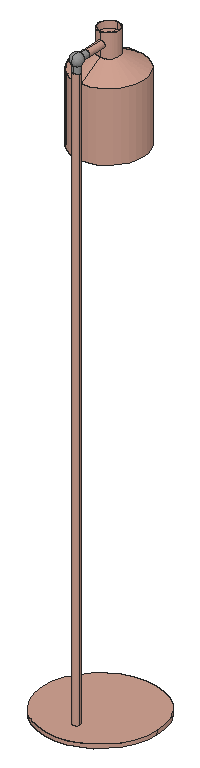
Revit family "CONV_Zero_GnrlPrpseLmnrs_SiloFloor", category Lighting Fixtures, Revit 2015
Parameters (values of type "Silo Floor Max 50W/E27 Apricot")
  Wattage = 3.82384 W
  WarrantyStartDate [instance] = "n/a"
  WarrantyGuarantorParts = "n/a"
  WarrantyGuarantorLabor = "n/a"
  WarrantyDurationUnit = "Year"
  WarrantyDurationParts = "n/a"
  WarrantyDurationLabor = "n/a"
  WarrantyDescription = "n/a"
  built-in parameter 1150110 = 1 (stored number, unit not read)
  VersionDate = "05/01/2018"  # constant formula
  Version = "1"  # constant formula
  UsageCurrent = 0 A
  Uniclass2015Reference = "Pr_70_70_48_32"
  Uniclass2015Description = "Free standing luminaires"
  Uniclass2 = "Pr_70_70_48_32"
  URL = "https://www.zerolighting.com/silo-inomgo/"
  TotalWattage = 50 W
  built-in parameter 1114217 = 1 (stored number, unit not read)
  Tilt Angle = 90.00°
  built-in parameter 1150109 = 1 (stored number, unit not read)
  built-in parameter 1150134 = (empty or 0)
  TagNumber [instance] = "n/a"
  SustainabilityPerformance = "n/a"
  built-in parameter 1150113 = 1 (stored number, unit not read)
  Size = "250x250x1340 mm"
  Shape = "Sculptured"
  SerialNumber [instance] = "n/a"
  Revision = "n/a"
  ReplacementCost = "n/a"
  ProductInformation = "n/a"
  Photometric Web File = "Silo8205-LED_IES.IES"
  PhaseReference = "n/a"
  PhaseAngle = 0.00°
  NumberOfSources = 0
  NumberOfPoles = 1
  NominalWidth = 250 mm
  NominalVoltageCalc = 0 V
  NominalVoltage = 230 V
  NominalRadius = 125 mm
  NominalLength = 250 mm
  NominalHeight = 1340 mm
  NominalFrequencyRange = 50 Hz
  NominalDiameter = 250 mm
  NominalCurrent = 0 A
  Name = "GnrlPrpseLmnrs_SiloFloor"
  NBSReference = "90-60-45/405"
  NBSDescription = "General purpose luminaires"
  ModelReference = "n/a"
  ModelNumber = "8208-1-17"
  Model = "Silo Floor Max 50W/E27 Apricot"
  Material = "Aluminium and steel"
  ManufacturersSpecificInformation = "n/a"
  ManufacturerURL = "https://www.zerolighting.com/"
  ManufacturerName = "Zero"
  Manufacturer = "Zero"
  MaintenanceFactor = 0
  Lumens = 568 lm
  built-in parameter 1150115 = 1 (stored number, unit not read)
  built-in parameter 1150105 = 224.69 (stored number, unit not read)
  LightFixtureSecondaryMaterial = Stainless Steel, Polished
  LightFixturePlacingType = "Floor"
  LightFixtureMountingType = "Surface"
  LightFixtureMainMaterial = Apricot RAL 3012
  built-in parameter 1150137 = (empty or 0)
  built-in parameter 1150139 = (empty or 0)
  built-in parameter 1150112 = 1 (stored number, unit not read)
  built-in parameter 1150114 = 1 (stored number, unit not read)
  InsulationStandardClass = "n/a"
  InstallationDate [instance] = "n/a"
  built-in parameter 1150132 = 2
  built-in parameter 1150102 = (empty or 0)
  built-in parameter 1150138 = (empty or 0)
  built-in parameter 1150107 = 3000 (stored number, unit not read)
  built-in parameter 1150106 = 2.2469 (stored number, unit not read)
  IfcExportType = "NOTDEFINED"  # constant formula
  IfcExportAs = "IfcLightFixtureType"  # constant formula
  IP_Code = "IP20"
  HasProtectiveEarth = no
  Grade = "n/a"
  Finish = "Painted aluminum and steel"
  Features = "Connection: 2,5 m cable and plug with switch on the cable."
  ExpiringDate = "07/2018"  # constant formula
  ExpectedLife = "n/a"
  ElectricalDeviceNominalPower = 0
  built-in parameter 1150104 = 13.8 (stored number, unit not read)
  EANNumber = "n/a"
  DurationUnit = "Year"
  Dimming Lamp Color Temperature Shift = <None>
  Designer = "Note Design Studio"
  Description = ""
  DefaultElevation = 0 mm
  ConvergoRefNr = "0046-1708-0038-SE"
  Constituents = "n/a"
  Color Filter = 16777215
  Color = "Apricot"
  Collection = "Silo"
  CodePerformance = "n/a"
  Category = "Floor"
  Brand = "Zero"
  Barcode [instance] = "n/a"
  built-in parameter 1114218 = 1 (stored number, unit not read)
  BIMObjectName = "CONV_Zero_GnrlPrpseLmnrs_SiloFloor"
  Author = "Convergo AB"  # constant formula
  built-in parameter 1150133 = 10 (stored number, unit not read)
  AssetType = "Movable"
  AssetIdentifier [instance] = "n/a"
  ArticleNumber = "8208-1-17"
  AccessibilityPerformance = "n/a"
Types (8, lengths in mm): name | ModelNumber | Model | built-in parameter 1150105 | LightFixtureMainMaterial | built-in parameter 1150106 | Color | ArticleNumber
  (no name) | "8208-1-17" | "Silo Floor Max 50W/E27 Apricot" | 224.69 (stored number, unit not read) | Apricot RAL 3012 | 2.2469 (stored number, unit not read) | "Apricot" | "8208-1-17"
  Silo Floor Max 50W/E27 White | "8208-1-01" | "Silo Floor Max 50W/E27 White" | 224.69 (stored number, unit not read) | White RAL 9010 | 2.2469 (stored number, unit not read) | "White" | "8208-1-01"
  Silo Floor Max 50W/E27 Black | "8208-1-06" | "Silo Floor Max 50W/E27 Black" | 224.69 (stored number, unit not read) | Black RAL 9005 | 2.2469 (stored number, unit not read) | "Black" | "8208-1-06"
  Silo Floor Max 50W/E27 Grey | "8208-1-11" | "Silo Floor Max 50W/E27 Grey" | 224.69 (stored number, unit not read) | Grey RAL 7030 | 2.2469 (stored number, unit not read) | "Grey" | "8208-1-11"
  Silo Floor Max 50W/E27 Green | "8208-1-12" | "Silo Floor Max 50W/E27 Green" | 224.69 (stored number, unit not read) | Green RAL 6021 | 2.2469 (stored number, unit not read) | "Green" | "8208-1-12"
  Silo Floor Max 50W/E27 Yellow | "8208-1-14" | "Silo Floor Max 50W/E27 Yellow" | 45.2 (stored number, unit not read) | Yellow RAL 1018 | 0.452 (stored number, unit not read) | "Yellow" | "8208-1-14"
  Silo Floor Max 50W/E27 Apricot | "8208-1-17" | "Silo Floor Max 50W/E27 Apricot" | 224.69 (stored number, unit not read) | Apricot RAL 3012 | 2.2469 (stored number, unit not read) | "Apricot" | "8208-1-17"
  Silo Floor Max 50W/E27 Ivory | "8208-1-46" | "Silo Floor Max 50W/E27 Ivory" | 224.69 (stored number, unit not read) | Ivory RAL 1015 | 2.2469 (stored number, unit not read) | "Ivory" | "8208-1-46"
Reference planes
  plane 1 "Light Source Axis (F/B)": y = -223.184
  plane 2: z = 0
  plane 3 "Light Source Axis (L/R)": x = 0
  plane 4 "Light Source Elevation": z = 1137.374
  plane 5: y = -121.806
  plane 6: y = -371.806
  plane 7: x = 125
  plane 8: x = -125
  plane 9: z = 1340
  plane 10: y = -246.806
Forms (mm)
  Extrusion 1, solid, material "Apricot RAL 3012" <- "LightFixtureMainMaterial", detail levels coarse
    sketch origin (0, 0, 0) x (1, 0, 0) y (0, 1, 0)
      loop
        line (-125, -371.806) -> (125, -371.806) -> (125, -121.806) -> (-125, -121.806) -> (-125, -371.806)
    from 0 to 1340
Dimensions and locks
  equal spacing: plane 8, plane 3 "Light Source Axis (L/R)", plane 7
  "NominalLength": plane 8 to plane 7
  "NominalHeight": plane 9 to level
  equal spacing: plane 5, plane 10, plane 6
  "NominalWidth": plane 5 to plane 6
  aligned and locked: plane 3 "Light Source Axis (L/R)" to imposter light
  aligned and locked: plane 1 "Light Source Axis (F/B)" to imposter light
  aligned and locked: plane 4 "Light Source Elevation" to imposter light
  aligned and locked: level to plane 2
  aligned and locked: plane 9 to Extrusion 1
  aligned and locked: Extrusion 1 to level
Automatic sketch dimensions
  Extrusion 1 sketch curve to plane 5 = 0 mm
  Extrusion 1 sketch curve to plane 8 = 0 mm
  Extrusion 1 sketch curve to plane 7 = 0 mm
  Extrusion 1 sketch curve to plane 6 = 0 mm
Nested families
  nested 1: "silo-floor" at (0, -246.806, 0), Material1 <- "LightFixtureMainMaterial", Material2 <- "LightFixtureSecondaryMaterial", type "silo-floor"
    with Material2 Stainless Steel, Polished, Material1 Apricot RAL 3012
Connectors
  electrical at (-125.3, -246.806, 3.549), driven by "NominalVoltage"
    settings: on nested 1, index 2, voltage 230 V, apparent load 0 VA, apparent load phase1 0 VA, apparent load phase2 0 VA, apparent load phase3 0 VA, power factor 1, load classification "Other", number of poles 1, system type 31, power factor state 1, is connector primary yes, connector utility no, sub classification motor no, connector description ""
Definition of nested family "silo-floor"
  Parameters (values of type "silo-floor")
    Material2 [instance] = none
    Material1 [instance] = none
  Reference planes
    plane 1 "Center (Front/Back)": y = 0
    plane 2: z = 0
    plane 3 "Center (Left/Right)": x = 0
  Forms (mm)
    Extrusion 1, solid, material <- "Material1", detail levels medium+fine
      sketch origin (0, 0, 0) x (1, 0, 0) y (0, 1, 0)
        loop
          circle (0, 0) r 125
      from 0 to 8
    Extrusion 2, solid, material <- "Material1", detail levels medium+fine
      sketch origin (0, 0.873, 0) x (1, 0, 0) y (0, 1, 0)
        loop
          circle (0, -65.823) r 8
      from 8 to 1288
    Revolve 3, solid, material <- "Material2", detail levels medium+fine
      sketch origin (0, 0, 0) x (0, 1, 0) y (0, 0, 1)
        loop
          line (-64.949, 1302.811) -> (-64.949, 1324.971)
          arc (-64.949, 1324.971) -> (-76.705, 1316.691) -> (-72.949, 1302.811) r 12.538
          line (-72.949, 1302.811) -> (-72.949, 1288) -> (-64.949, 1288) -> (-64.949, 1302.811)
        axis (-64.949, 1324.971) -> (-64.949, 1288)
      angle from 0 to 360
    Revolve 4, solid, material <- "Material1", detail levels medium+fine
      sketch origin (0, 0, 0) x (0, 1, 0) y (0, 0, 1)
        loop
          line (-40.404, 1320.463) -> (-40.404, 1312.463) -> (17.517, 1312.463) -> (17.517, 1320.463) -> (-40.404, 1320.463)
        axis (-40.404, 1312.463) -> (17.517, 1312.463)
      angle from 0 to 360
    Revolve 5, solid, material <- "Material1", detail levels medium+fine
      sketch origin (0, 0, 0) x (0, 1, 0) y (0, 0, 1)
        loop
          line (98.514, 1107.374) -> (98.514, 1257.374) -> (46.014, 1287.378) -> (46.014, 1337.374) -> (45.014, 1337.374) -> (45.014, 1286.798) -> (97.514, 1256.794) -> (97.514, 1107.374) -> (98.514, 1107.374)
        axis (23.514, 1337.374) -> (23.514, 1107.374)
      angle from 0 to 360
    Revolve 6, solid, material <- "Material1", detail levels medium+fine
      sketch origin (0, 0, 0) x (0, 1, 0) y (0, 0, 1)
        loop
          line (45.014, 1286.798) -> (45.014, 1287.798) -> (23.514, 1287.798) -> (23.514, 1286.798) -> (45.014, 1286.798)
        loop
          line (45.014, 1321.75) -> (45.014, 1323.75) -> (23.514, 1323.75) -> (23.514, 1321.75) -> (45.014, 1321.75)
        axis (23.514, 1323.75) -> (23.514, 1286.798)
      angle from 0 to 360
    Extrusion 7, void
      sketch origin (0, 0, 0) x (1, 0, 0) y (0, 1, 0)
        loop
          line (-15.074, 13.514) -> (14.926, 13.514) -> (14.926, 15.514) -> (-15.074, 15.514) -> (-15.074, 13.514)
        loop
          circle (0, 23.622) r 5
      from 1238.257 to 1368.016
    Revolve 8, solid, material <- "Material2", detail levels medium+fine
      sketch origin (0, -57.92, 0) x (0, 1, 0) y (0, 0, 1)
        loop
          line (2.352, 1320.463) -> (2.352, 1312.463) -> (17.517, 1312.463) -> (17.517, 1320.463) -> (2.352, 1320.463)
        axis (2.352, 1312.463) -> (17.517, 1312.463)
      angle from 0 to 360
    Extrusion 9, solid, material <- "Material1", detail levels medium+fine
      sketch origin (0, 0, 0) x (0, 1, 0) y (0, 0, 1)
        loop
          circle (0, 3.549) r 1.5
      from -125.3 to -124.205
  Cuts and joins
    Extrusion 7 cuts Revolve 6
    joined: Revolve 4, Revolve 5
  Lines and regions (mm)
    symbolic lines, detail levels medium+fine
      curve 1: arc (125, 0, 0) -> (0, 125, 0) -> (-125, 0, 0) r 125
      curve 2: arc (-125, 0, 0) -> (0, -125, 0) -> (125, 0, 0) r 125
      curve 22: line (0, 125, 0) -> (0, 125, 8)
      curve 23: line (0, 125, 8) -> (0, -56.949, 8)
      curve 24: line (0, -56.949, 8) -> (0, -56.949, 1302.811)
      curve 25: arc (0, -55.314, 1304.468) -> (0, -56.065, 1303.584) -> (0, -56.949, 1302.832) r 7.202
      curve 26: line (0, -55.297, 1304.468) -> (0, 1.014, 1304.468)
      curve 27: line (0, 1.014, 1287.378) -> (0, 1.014, 1304.468)
      curve 28: line (0, 1.014, 1287.378) -> (0, -51.486, 1257.374)
      curve 29: line (0, -51.486, 1257.374) -> (0, -51.486, 1107.374)
      curve 30: line (0, -51.486, 1107.374) -> (0, 98.514, 1107.374)
      curve 31: line (0, 98.514, 1107.374) -> (0, 98.514, 1257.374)
      curve 32: line (0, 98.514, 1257.374) -> (0, 46.014, 1287.378)
      curve 33: line (0, 46.014, 1287.378) -> (0, 46.014, 1337.374)
      curve 34: line (0, 46.014, 1337.374) -> (0, 1.014, 1337.374)
      curve 35: line (0, 1.014, 1337.374) -> (0, 1.014, 1320.463)
      curve 36: line (0, 1.014, 1320.463) -> (0, -55.297, 1320.463)
      curve 37: arc (0, -72.949, 1302.811) -> (0, -73.82, 1321.334) -> (0, -55.297, 1320.463) r 12.537
      curve 38: line (0, -72.949, 1302.811) -> (0, -72.949, 8)
      curve 39: line (0, -72.949, 8) -> (0, -125, 8)
      curve 40: line (0, -125, 8) -> (0, -125, 0)
      curve 41: line (0, 125, 0) -> (0, -125, 0)
      curve 50: line (-125, 0, 0) -> (-125, 0, 8)
      curve 51: line (-125, 0, 8) -> (-8, 0, 8)
      curve 52: line (-8, 0, 8) -> (-8, 0, 1107.374)
      curve 53: line (-8, 0, 1107.374) -> (-75, 0, 1107.374)
      curve 54: line (-75, 0, 1107.374) -> (-75, 0, 1257.374)
      curve 55: line (-75, 0, 1257.374) -> (-22.5, 0, 1287.378)
      curve 56: line (-22.5, 0, 1287.378) -> (-22.5, 0, 1337.374)
      curve 57: line (-22.5, 0, 1337.374) -> (0, 0, 1337.374)
      curve 58: line (125, 0, 0) -> (125, 0, 8)
      curve 59: line (125, 0, 8) -> (8, 0, 8)
      curve 60: line (8, 0, 8) -> (8, 0, 1107.374)
      curve 61: line (8, 0, 1107.374) -> (75, 0, 1107.374)
      curve 62: line (75, 0, 1107.374) -> (75, 0, 1257.374)
      curve 63: line (75, 0, 1257.374) -> (22.5, 0, 1287.378)
      curve 64: line (22.5, 0, 1287.378) -> (22.5, 0, 1337.374)
      curve 65: line (22.5, 0, 1337.374) -> (0, 0, 1337.374)
    symbolic lines, detail levels fine
      curve 3: arc (-8, -64.949, 0) -> (0, -72.949, 0) -> (8, -64.949, 0) r 8
      curve 4: arc (8, -64.949, 0) -> (0, -56.949, 0) -> (-8, -64.949, 0) r 8
      curve 5: arc (0, 98.514, 0) -> (-74.89, 27.578, 0) -> (-8.116, -51.046, 0) r 75
      curve 6: arc (0, 97.514, 0) -> (-73.888, 27.578, 0) -> (-8.116, -50.04, 0) r 74
      curve 7: line (8, -64.949, 0) -> (-8, -64.949, 0)
      curve 8: circle (0, -64.949, 0) r 12.494 normal (0, 0, 1)
      curve 9: arc (0, 1.014, 0) -> (22.5, 23.514, 0) -> (0, 46.014, 0) r 22.5
      curve 10: arc (0, 46.014, 0) -> (-22.5, 23.514, 0) -> (0, 1.014, 0) r 22.5
      curve 11: arc (0, 45.014, 0) -> (-21.5, 23.514, 0) -> (0, 2.014, 0) r 21.5
      curve 12: arc (0, 2.014, 0) -> (21.5, 23.514, 0) -> (0, 45.014, 0) r 21.5
      curve 13: line (-15.074, 13.514, 0) -> (14.926, 13.514, 0)
      curve 14: line (-15.074, 15.514, 0) -> (-15.074, 13.514, 0)
      curve 15: line (14.926, 15.514, 0) -> (-15.074, 15.514, 0)
      curve 16: line (14.926, 13.514, 0) -> (14.926, 15.514, 0)
      curve 17: arc (-5, 23.622, 0) -> (0, 18.622, 0) -> (5, 23.622, 0) r 5
      curve 18: arc (5, 23.622, 0) -> (0, 28.622, 0) -> (-5, 23.622, 0) r 5
      curve 19: line (-8.116, -55.451, 0) -> (-8.116, 2.529, 0)
      curve 20: line (8.116, -55.451, 0) -> (8.116, 2.529, 0)
      curve 21: arc (8.116, -51.046, 0) -> (74.89, 27.578, 0) -> (0, 98.514, 0) r 75
      curve 42: line (0, -56.949, 8) -> (0, -72.949, 8)
      curve 43: line (0, 98.514, 1257.374) -> (0, -51.486, 1257.374)
      curve 44: line (0, -72.949, 1302.811) -> (0, -56.949, 1302.811)
      curve 45: line (0, -56.949, 1288) -> (0, -72.949, 1288)
      curve 46: line (0, -55.297, 1320.463) -> (0, -55.297, 1304.468)
      curve 47: line (0, -40.404, 1320.463) -> (0, -40.404, 1304.468)
      curve 48: arc (0, 1.014, 1304.468) -> (0, 2.505, 1312.465) -> (0, 1.014, 1320.463) r 22.185
      curve 49: line (0, 46.014, 1287.378) -> (0, 1.014, 1287.378)
      curve 66: line (0, 0, 1302.811) -> (-8, 0, 1302.811)
      curve 67: line (-8, 0, 1302.811) -> (-8, 0, 1288)
      curve 68: line (-8, 0, 1288) -> (0, 0, 1288)
      curve 69: line (-8, 0, 8) -> (0, 0, 8)
      curve 70: line (-8, 0, 1288) -> (-8, 0, 1107.374)
      curve 71: line (-75, 0, 1257.374) -> (-8, 0, 1257.374)
      curve 72: line (-22.5, 0, 1287.378) -> (-8, 0, 1287.378)
      curve 73: line (0, 0, 1302.811) -> (8, 0, 1302.811)
      curve 74: line (8, 0, 1302.811) -> (8, 0, 1288)
      curve 75: line (8, 0, 1288) -> (0, 0, 1288)
      curve 76: line (8, 0, 1288) -> (8, 0, 1107.374)
      curve 77: line (75, 0, 1257.374) -> (8, 0, 1257.374)
      curve 78: line (22.5, 0, 1287.378) -> (8, 0, 1287.378)
      curve 79: line (8, 0, 8) -> (0, 0, 8)
      curve 80: arc (-8, 0, 1302.811) -> (0, 0, 1324.937) -> (8, 0, 1302.811) r 12.509
      curve 81: arc (8.116, -50.04, 0) -> (73.888, 27.578, 0) -> (0, 97.514, 0) r 74
  Dimensions and locks
    aligned and locked: level to plane 2
